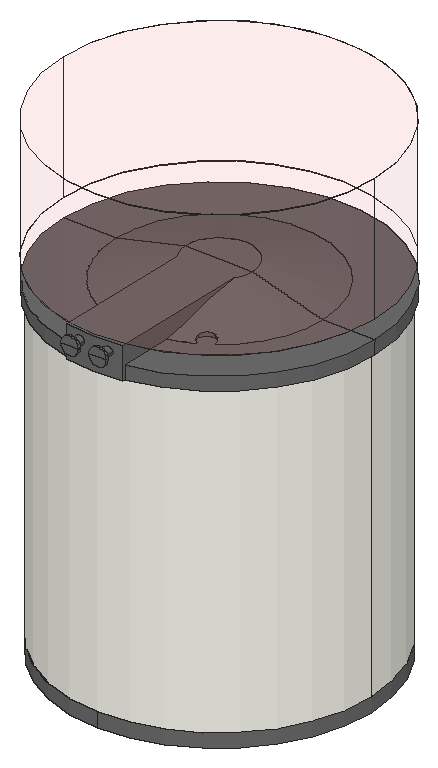
Revit family
Parameters (values of type "1190A")
  Watermarked By = "http://revitwatermark.com"
  Water_Ice Tank Volume = "1655 Gallons"
  Warning = "Ice tanks are a component in an ice storage system including chillers, pumps, and controls. Contact CALMAC for IceBank® selection support to make sure all system components will work together properly."
  URL = "http://www.calmac.com/"
  Total Cooling Capacity [instance] = 0.0 ton
  Tank Net Usable Capacity = "162 Ton-Hrs"
  Surface Finish = Plastic- Calmac- Black
  Supply Coolant Temperature [instance] = -459.67 °F
  Storage Inlet Temperature [instance] = 60 °F
  Shipping Weight = 1950.00 lbf
  Return Coolant Temperature [instance] = -459.67 °F
  Requires Plate Heat Exchanger [instance] = no
  Project/Customer = ""
  Product Page URL = "http://www.calmac.com/products/icebank.asp"
  Product Documentation Link = "http://www.calmac.com/products/documents/IceBankModel1190ACS-5June2009.pdf"
  Pressure Drop [instance] = 0.00 psi
  Precool Hours [instance] = 0
  Pipe Material = Plastic- Calmac- Black
  Operating Weight = 16765.00 lbf
  Occupied Hours [instance] = 0
  Model = "1190A"
  Maximum Operating Temperature = "38°C"
  Maximum Operating Pressure = "620 kPa"
  Manufacturer e-mail = "info@Calmac.com"
  Manufacturer Contact Details = "CALMAC Manufacturing Corporation Headquarters, 3-00 Banta Place, Fair Lawn, NJ  07410, Tel: (201) 797-1511, Fax: (201) 797-1522"
  Manufacturer = "CALMAC Manufacturing Corp."  # constant formula
  Main Use [instance] = ""
  Location [instance] = ""
  Lid Diameter = 7' - 5"  # constant formula
  Leg 4 = 3' - 8 1/2"  # constant formula
  Leg 1 = 3' - 8 1/2"  # constant formula
  Latent Cooling Capacity [instance] = 0.0 ton
  Inlet Outlet Center Height = 8' - 2 1/2"  # constant formula
  Heat Exchanger Volume = "1655 Gallons"
  Has Rigging Bar [instance] = no
  Has Plate and Frame Heat Exchanger [instance] = no
  Has Ice Inventory Meter [instance] = no
  Has Heat Transfer Fluid [instance] = no
  Has Glycol Management System [instance] = no
  Front Connector Offset = 4' - 0 1/2"  # constant formula
  Floor Loading Weight = "388 lb/sq.ft."
  Factory Tested Pressure = "1724 kPa"
  Diversity Factor [instance] = 0
  Discharge Rate [instance] = 0
  Discharge Hours [instance] = 0
  Description = "Off-Peak Cooling System"
  Is Clearance Box Visible [instance] = yes
  Clearance Box Height = 3' - 0"  # constant formula
  City/State [instance] = ""
  CTRL On = yes
  CTRL Off = not(CTRL On)  # no
  CTRL Hydronic Supply Description = "Hydronic Supply"  # constant formula
  CTRL Hydronic Return Description = "Hydronic Return"  # constant formula
  CTRL Base Radius = 3' - 7 31/64"  # constant formula
  Body Material = Plastic- Calmac- Off_White
  Has Solid Base [instance] = yes
  Base Height = Inlet Outlet Center Height - 0' 6 1/4"  # 7' - 8 1/4"
  Base Finish = Plastic- Calmac- Black
  Assembly Code = "D3030300"
  Actual Chilled Water Flow [instance] = 0 GPM
Values of the unnamed type that differ from the named types
  Watermarked By = ""
Reference planes (in)
  plane 1 "Center (Front/Back)": y = 0
  plane 2 "Bottom": z = 0
  plane 3 "Center (Left/Right)": x = 0
  plane 4 "T.O. Base": z = 92
  plane 5 "Inlet/Outlet Center (Elevation)": z = 98.5
  plane 6 "Right": x = 44.5
  plane 7 "Left": x = -44.5
  plane 8 "Connector Front Face": y = -48.5
  plane 9 "T.O. Lid": z = 101
  plane 10 "Top": z = 137.25
  plane 11 "Left Connector Center (L/R)": x = -3.99016
  plane 12 "Right Connector Center (L/R)": x = 3.99933
  plane 13 "Back": y = 44.5
  plane 14 "Lid Front": y = -44.5
Dimensions and locks (in)
  "Leg 1": plane 3 "Center (Left/Right)" to plane 6 "Right"
  "Leg 4": plane 7 "Left" to plane 3 "Center (Left/Right)"
  "Front Connector Offset": plane 8 "Connector Front Face" to plane 1 "Center (Front/Back)"
  locked: plane 5 "Inlet/Outlet Center (Elevation)" to plane 2 "Bottom" at 98.5
  locked: plane 5 "Inlet/Outlet Center (Elevation)" to plane 4 "T.O. Base" at 6.5
  locked: plane 9 "T.O. Lid" to plane 5 "Inlet/Outlet Center (Elevation)" at 2.5
  locked: plane 10 "Top" to plane 5 "Inlet/Outlet Center (Elevation)" at 38.75
  locked: plane 3 "Center (Left/Right)" to plane 11 "Left Connector Center (L/R)" at 3.99016
  locked: plane 12 "Right Connector Center (L/R)" to plane 3 "Center (Left/Right)" at 3.99933
  locked: plane 1 "Center (Front/Back)" to plane 13 "Back" at 44.5
  locked: plane 14 "Lid Front" to plane 1 "Center (Front/Back)" at 44.5
  aligned and locked: plane 1 "Center (Front/Back)" to nested 1
  aligned and locked: plane 3 "Center (Left/Right)" to nested 1
  aligned and locked: plane 1 "Center (Front/Back)" to nested 2
  aligned: plane 4 "T.O. Base" to nested 2  (x2)
  aligned and locked: plane 3 "Center (Left/Right)" to nested 2
  aligned and locked: plane 4 "T.O. Base" to nested 2  (x2)
  aligned and locked: plane 2 "Bottom" to nested 1
Nested families (in)
  nested 1: "Cooling_Plant_Accessories-Calmac-IceBank-Base" at (0, 0, 0), type "Base"
    with Is Symbolic Line Visible no, Has Solid Base yes, CTRL Inner Wall Radius 3' - 6 39/64", CTRL Base Radius 3' - 7 31/64", Base Height 7' - 8 1/4"
  nested 2: "Cooling_Plant_Accessories-Calmac-IceBank-Lid_A" at (0, 0, 92), Diameter <- "Lid Diameter", Clearance Box Height <- "Clearance Box Height", Is Clearance Box Visible <- "Is Clearance Box Visible", type "Lid-A"
    with Is Clearance Box Visible yes, Diameter 7' - 5", Clearance Box Height 3' - 0", CTRL Symbolic Line Offset 0' - 6", CTRL Radius 3' - 8 1/2", CTRL Clearance Box Height 3' - 9"
Connectors (in)
  piping at (-3.99016, -48.5, 98.5), driven by "CTRL Hydronic Supply Description", driven by "Actual Chilled Water Flow"
    settings: on nested 2, index 1, connector radius 1", flow factor 0, pipe flow 0 GPM, pressure drop 0.00 psi, fitting loss kfactor 0, connector angle 0.00°, fixture units 0, flow configuration 0, flow direction 2, fitting loss method 0, system type 7, connector reference index -1, connector utility 0, adjustable connector no, is connector primary yes, fitting loss table "", connector description "Hydronic Supply"
  piping at (3.99933, -48.5, 98.5), driven by "Actual Chilled Water Flow", driven by "CTRL Hydronic Return Description"
    settings: on nested 2, index 2, connector radius 1", flow factor 0, pipe flow 0 GPM, pressure drop 0.00 psi, fitting loss kfactor 0, connector angle 0.00°, fixture units 0, flow configuration 0, flow direction 1, fitting loss method 0, system type 8, connector reference index -1, connector utility 0, adjustable connector no, is connector primary no, fitting loss table "", connector description "Hydronic Return"
Definition of nested family "Cooling_Plant_Accessories-Calmac-IceBank-Base"
  Parameters (values of type "Base")
    Wall Thickness = 0' - 0 7/8"
    URL = "http://www.calmac.com/"
    Type Comments = ""
    Is Symbolic Line Visible = not(Has Solid Base)  # yes
    Has Solid Base = no
    Model = ""
    Manufacturer = "CALMAC Manufacturing Corp."  # constant formula
    CTRL Inner Wall Radius = CTRL Base Radius - Wall Thickness  # 3' - 0"
    CTRL Base Radius = 3' - 0 7/8"
    Body Material = Plastic- Calmac- Off_White
    Base Height = 3' - 7 5/16"
    Base Finish = Plastic- Calmac- Black
    Assembly Code = "D3030"
  Reference planes (in)
    plane 1 "Center (Front/Back)": y = 0
    plane 2 "Bottom": z = 0
    plane 3 "Center (Left/Right)": x = 0
    plane 4 "Back": y = 36.875
    plane 5 "Front": y = -36.875
    plane 6 "Right": x = 36.875
    plane 7 "Left": x = -36.875
    plane 8 "T.O. Base Plate": z = 4
    plane 9 "Right Edge of Right Void": x = 24.125
    plane 10 "Left Edge of Right Void": x = 13.125
    plane 11 "Left Edge of Left Void": x = -24.125
    plane 12 "Right Edge of Left Void": x = -13.125
    plane 13 "T.O. Base Void": z = 2
    plane 14 "T.O. Base": z = 43.3125
  Forms (in)
    Extrusion 1, solid, material "Plastic- Calmac- Black" <- "Base Finish", visible <- "Is Symbolic Line Visible", detail levels fine
      sketch origin (0, 0, 0) x (1, 0, 0) y (0, 1, 0)
        loop
          circle (0, 0) r 36.875
      from 0 to 4
    Extrusion 2, void
      sketch origin (0, 0, 0) x (1, 0, 0) y (0, 1, 0)
        loop
          line (-24.125, 36.875) -> (-24.125, -36.875) -> (-13.125, -36.875) -> (-13.125, 36.875) -> (-24.125, 36.875)
        loop
          line (13.125, 36.875) -> (13.125, -36.875) -> (24.125, -36.875) -> (24.125, 36.875) -> (13.125, 36.875)
      from 0 to 2
    Extrusion 3, solid, material "Plastic- Calmac- Off_White" <- "Body Material", detail levels fine
      sketch origin (0, 0, 0) x (1, 0, 0) y (0, 1, 0)
        loop
          circle (0, 0) r 36.875
        loop
          circle (0, 0) r 36
      from 4 to 43.3125
    Extrusion 4, solid, material "Plastic- Calmac- Black" <- "Base Finish", visible <- "Has Solid Base", detail levels fine
      sketch origin (0, 0, 43.3125) x (0, -1, 0) y (1, 0, 0)
        loop
          circle (0, 0) r 36.875
      from -43.3125 to -39.3125
  Cuts and joins
    Extrusion 2 cuts Extrusion 3
    Extrusion 2 cuts Extrusion 1
  Lines and regions (in)
    Masking region 1
      outline origin (0, 0, 0) x (1, 0, 0) y (0, 1, 0)
        loop
          circle (0, 0) r 36.875
    Masking region 2
      outline origin (0, 0, 0) x (1, 0, 0) y (0, 0, 1)
        loop
          line (-36.875, 0) -> (36.875, 0) -> (36.875, 43.3125) -> (-36.875, 43.3125) -> (-36.875, 0)
    Masking region 3
      outline origin (0, 0, 0) x (0, 1, 0) y (0, 0, 1)
        loop
          line (-36.875, 0) -> (36.875, 0) -> (36.875, 43.3125) -> (-36.875, 43.3125) -> (-36.875, 0)
    symbolic lines, style "Base", detail levels medium+fine
      curve 1: line (-36.875, 0, 4) -> (36.875, 0, 4)
      curve 8: line (0, -36.875, 4) -> (0, 36.875, 4)
    symbolic lines, style "Base", visible <- "Is Symbolic Line Visible", detail levels medium+fine
      curve 2: line (-24.125, 0, 0) -> (-24.125, 0, 2)
      curve 3: line (-24.125, 0, 2) -> (-13.125, 0, 2)
      curve 4: line (13.125, 0, 2) -> (24.125, 0, 2)
      curve 5: line (13.125, 0, 0) -> (13.125, 0, 2)
      curve 6: line (24.125, 0, 0) -> (24.125, 0, 2)
      curve 7: line (-13.125, 0, 0) -> (-13.125, 0, 2)
    model lines, style "Base", detail levels medium
      curve 9: circle (0, 0, 43.3125) r 36.875 normal (0, 0, 1)
      curve 10: circle (0, 0, 4) r 36.875 normal (0, 0, 1)
      curve 11: circle (0, 0, 0) r 36.875 normal (0, 0, 1)
      curve 12: line (36.875, 0, 0) -> (36.875, 0, 43.3125)
      curve 13: line (-36.875, 0, 0) -> (-36.875, 0, 43.3125)
      curve 14: line (0, -36.875, 0) -> (0, -36.875, 43.3125)
      curve 15: line (0, 36.875, 0) -> (0, 36.875, 43.3125)
    model lines, style "Base", detail levels coarse
      curve 16: line (0, 0, 0) -> (0, 0, 43.3125)
  Dimensions and locks (in)
    locked: plane 7 "Left" to plane 11 "Left Edge of Left Void" at 12.75
    locked: plane 7 "Left" to plane 12 "Right Edge of Left Void" at 23.75
    locked: plane 9 "Right Edge of Right Void" to plane 6 "Right" at 12.75
    locked: plane 10 "Left Edge of Right Void" to plane 6 "Right" at 23.75
    "CTRL Base Radius": plane 7 "Left" to plane 3 "Center (Left/Right)"
    "CTRL Base Radius": plane 3 "Center (Left/Right)" to plane 6 "Right"
    "CTRL Base Radius": plane 1 "Center (Front/Back)" to plane 4 "Back"
    "CTRL Base Radius": plane 5 "Front" to plane 1 "Center (Front/Back)"
    locked: plane 8 "T.O. Base Plate" to plane 2 "Bottom" at 4
    "Base Height": plane 14 "T.O. Base" to plane 2 "Bottom"
    locked: plane 13 "T.O. Base Void" to plane 2 "Bottom" at 2
    "CTRL Base Radius": radius of Extrusion 1 sketch curve
    "CTRL Base Radius": radius of Extrusion 3 sketch curve
    "CTRL Inner Wall Radius": radius of Extrusion 3 sketch curve
    "CTRL Base Radius": radius of Masking region 1 sketch curve
    "CTRL Base Radius": radius of curve 9
    "CTRL Base Radius": radius of curve 10
    "CTRL Base Radius": radius of curve 11
    "CTRL Base Radius": radius of Extrusion 4 sketch curve
    aligned and locked: plane 3 "Center (Left/Right)" to Extrusion 1 sketch curve
    aligned and locked: plane 1 "Center (Front/Back)" to Extrusion 1 sketch curve
    aligned and locked: Extrusion 1 to plane 2 "Bottom"
    aligned and locked: plane 8 "T.O. Base Plate" to Extrusion 1
    aligned and locked: plane 2 "Bottom" to Extrusion 1
    aligned and locked: Extrusion 2 sketch curve to plane 4 "Back"  (x2)
    aligned and locked: Extrusion 2 sketch curve to plane 12 "Right Edge of Left Void"
    aligned and locked: plane 11 "Left Edge of Left Void" to Extrusion 2 sketch curve
    aligned and locked: Extrusion 2 sketch curve to plane 5 "Front"  (x2)
    aligned and locked: Extrusion 2 sketch curve to plane 10 "Left Edge of Right Void"
    aligned and locked: Extrusion 2 sketch curve to plane 9 "Right Edge of Right Void"
    aligned and locked: plane 13 "T.O. Base Void" to Extrusion 2
    aligned and locked: Extrusion 2 to plane 2 "Bottom"
    aligned and locked: Extrusion 2 to plane 5 "Front"
    aligned and locked: plane 4 "Back" to Extrusion 2
    aligned and locked: Extrusion 2 to plane 13 "T.O. Base Void"  (x2)
    aligned and locked: plane 11 "Left Edge of Left Void" to Extrusion 2
    aligned and locked: plane 2 "Bottom" to Extrusion 2  (x2)
    aligned and locked: Extrusion 2 to plane 12 "Right Edge of Left Void"
    aligned and locked: plane 10 "Left Edge of Right Void" to Extrusion 2
    aligned and locked: Extrusion 2 to plane 9 "Right Edge of Right Void"
    aligned and locked: plane 3 "Center (Left/Right)" to Extrusion 3 sketch curve  (x2)
    aligned and locked: plane 1 "Center (Front/Back)" to Extrusion 3 sketch curve  (x2)
    aligned and locked: Extrusion 3 to plane 8 "T.O. Base Plate"
    aligned and locked: plane 14 "T.O. Base" to Extrusion 3
    aligned and locked: plane 3 "Center (Left/Right)" to Masking region 1 sketch curve
    aligned and locked: plane 1 "Center (Front/Back)" to Masking region 1 sketch curve
    aligned and locked: Masking region 2 sketch curve to plane 14 "T.O. Base"
    aligned and locked: plane 6 "Right" to Masking region 2 sketch curve
    aligned and locked: plane 2 "Bottom" to Masking region 2 sketch curve
    aligned and locked: Masking region 2 sketch curve to plane 7 "Left"
    aligned and locked: plane 7 "Left" to curve 1
    aligned and locked: plane 6 "Right" to curve 1
    aligned and locked: curve 1 to plane 8 "T.O. Base Plate"
    aligned and locked: plane 11 "Left Edge of Left Void" to curve 3
    aligned and locked: plane 12 "Right Edge of Left Void" to curve 3
    aligned and locked: curve 3 to plane 13 "T.O. Base Void"
    aligned and locked: plane 2 "Bottom" to curve 2
    aligned and locked: curve 2 to plane 11 "Left Edge of Left Void"
    aligned and locked: plane 10 "Left Edge of Right Void" to curve 4
    aligned and locked: plane 9 "Right Edge of Right Void" to curve 4
    aligned and locked: plane 13 "T.O. Base Void" to curve 5
    aligned and locked: plane 13 "T.O. Base Void" to curve 6
    aligned and locked: plane 2 "Bottom" to curve 5
    aligned and locked: curve 5 to plane 10 "Left Edge of Right Void"
    aligned and locked: curve 6 to plane 9 "Right Edge of Right Void"
    aligned and locked: plane 13 "T.O. Base Void" to curve 7
    aligned and locked: plane 2 "Bottom" to curve 7
    aligned and locked: curve 7 to plane 12 "Right Edge of Left Void"
    aligned and locked: plane 5 "Front" to Masking region 3 sketch curve
    aligned and locked: plane 14 "T.O. Base" to Masking region 3 sketch curve
    aligned and locked: Masking region 3 sketch curve to plane 4 "Back"
    aligned and locked: plane 2 "Bottom" to Masking region 3 sketch curve
    aligned and locked: plane 4 "Back" to curve 8
    aligned and locked: plane 5 "Front" to curve 8
    aligned and locked: curve 8 to plane 8 "T.O. Base Plate"
    aligned and locked: plane 3 "Center (Left/Right)" to curve 9
    aligned and locked: plane 1 "Center (Front/Back)" to curve 9
    aligned and locked: curve 9 to plane 14 "T.O. Base"
    aligned and locked: curve 10 to plane 8 "T.O. Base Plate"
    aligned and locked: plane 3 "Center (Left/Right)" to curve 10
    aligned and locked: plane 1 "Center (Front/Back)" to curve 10
    aligned: curve 11 to plane 2 "Bottom"
    aligned and locked: plane 3 "Center (Left/Right)" to curve 11
    aligned and locked: plane 1 "Center (Front/Back)" to curve 11
    aligned and locked: plane 14 "T.O. Base" to curve 12
    aligned and locked: plane 14 "T.O. Base" to curve 13
    aligned and locked: plane 2 "Bottom" to curve 12
    aligned and locked: plane 2 "Bottom" to curve 13
    aligned and locked: curve 12 to plane 6 "Right"
    aligned and locked: curve 13 to plane 7 "Left"
    aligned and locked: curve 12 to plane 1 "Center (Front/Back)"
    aligned and locked: curve 13 to plane 1 "Center (Front/Back)"
    aligned and locked: plane 14 "T.O. Base" to curve 14
    aligned and locked: plane 14 "T.O. Base" to curve 15
    aligned and locked: plane 2 "Bottom" to curve 14
    aligned and locked: plane 2 "Bottom" to curve 15
    aligned and locked: plane 4 "Back" to curve 15
    aligned and locked: plane 5 "Front" to curve 14
    aligned and locked: plane 3 "Center (Left/Right)" to curve 14
    aligned and locked: plane 3 "Center (Left/Right)" to curve 15
    aligned and locked: plane 14 "T.O. Base" to curve 16
    aligned and locked: plane 2 "Bottom" to curve 16
    aligned and locked: plane 3 "Center (Left/Right)" to curve 16
    aligned and locked: curve 16 to plane 1 "Center (Front/Back)"
    aligned and locked: plane 1 "Center (Front/Back)" to Extrusion 4 sketch curve
    aligned and locked: plane 3 "Center (Left/Right)" to Extrusion 4 sketch curve
    aligned and locked: plane 8 "T.O. Base Plate" to Extrusion 4
    aligned and locked: Extrusion 4 to plane 2 "Bottom"
  Automatic sketch dimensions
    curve 6 to level = 0' - 0"
Definition of nested family "Cooling_Plant_Accessories-Calmac-IceBank-Lid_A"
  Parameters (values of type "Lid_A")
    Surface Finish = Default
    Pipe Material = none
    Diameter [instance] = 6' - 1 3/4"
    Is Clearance Box Visible [instance] = yes
    Clearance Box Height [instance] = 2' - 0"
    CTRL Symbolic Line Offset [instance] = 0' - 6"
    CTRL Radius [instance] = Diameter / 2  # 3' - 0 7/8"
    CTRL Clearance Box Height [instance] = Clearance Box Height + 0' 9"  # 2' - 9"
  Reference planes (in)
    plane 1 "Center (Front/Back)": y = 0
    plane 2 "Bottom": z = 0
    plane 3 "Center (Left/Right)": x = 0
    plane 4 "Back": y = 36.875
    plane 5 "Back Inset": y = 33.06
    plane 6 "Back Bolt Front": y = 33.873
    plane 7 "Front": y = -36.875
    plane 8 "Front Inset": y = -33.06
    plane 9 "Left": x = -36.875
    plane 10 "Left Lip Inset": x = -33.06
    plane 11 "Top Left": x = -9.54335
    plane 12 "Right": x = 36.875
    plane 13 "Top Right": x = 9.54335
    plane 14 "Top": z = 9
    plane 15 "Connector Center(Elevation)": z = 3.75
    plane 16 "Connector Channel Top": z = 8
    plane 17 "Bolt Inset Center": y = 34.87422
    plane 18 "Right Lip Inset": x = 33.06
    plane 19 "Center Offset Right 6": x = 7.19935
    plane 20 "Center OffSet Right 5": x = 6.29557
    plane 21 "Center Offset Right 4": x = 4.96584
    plane 22 "Center Offset Right 2": x = 3.03282
    plane 23 "Center Offset Right 1": x = 1.70309
    plane 24 "Center Offset Right 3": x = 3.99933
    plane 25 "Center Offset Left 6": x = -7.19935
    plane 26 "Center Offset Left 5": x = -6.2864
    plane 27 "Center Offset Left 4": x = -4.95667
    plane 28 "Center Offset Left 2": x = -3.02365
    plane 29 "Center Offset Left 1": x = -1.69392
    plane 30 "Center Offset Left 3": x = -3.99016
    plane 31 "Front Offset 1": y = -37.46731
    plane 32 "Center Offset 2": y = -9.54335
    plane 33 "Center Offset 1": y = -5.20418
    plane 34 "Front Offset 3": y = -40.875
    plane 35 "Front Offset 2": y = -40.25145
    plane 36 "Raised Geometry Right": x = 7.9995
    plane 37 "Raised Geometry Left": x = -7.9995
    plane 38 "Bolt Inset Right": x = 1
    plane 39 "Bolt Inset Left": x = -1
    plane 40: x = 15.52399
    plane 41 "Inspection Port Center (Front/ Back)": y = -23.90104
    plane 42 "T.O. Cllearance Box": z = 33
    plane 43: z = 8.75
    plane 44 "Connectors": z = 6.5
  Forms (in)
    Revolve 1, solid, material "Default" <- "Surface Finish", detail levels fine
      sketch origin (0, 0, 0) x (1, 0, 0) y (0, 0, 1)
        loop
          line (0, 9) -> (0, 0) -> (36.875, 0) -> (36.875, 3.75) -> (22.05979, 3.75) -> (9.54335, 9) -> (0, 9)
        axis (0, 9) -> (0, 0)
      angle from 0 to 360
    Extrusion 2, solid, material "Default" <- "Surface Finish", detail levels fine
      sketch origin (0, 0, 9) x (-1, 0, 0) y (0, -1, 0)
        loop
          arc (7.9995, 36.87418) -> (0.00004, 37.5924) -> (-7.9995, 36.875) r 44.93344
          line (-7.9995, 36.875) -> (-7.9995, 5.20418) -> (7.9995, 5.20418) -> (7.9995, 36.87418)
      from -9 to 0
    Extrusion 3, void
      sketch origin (0, 0, 9) x (-1, 0, 0) y (0, -1, 0)
        loop
          circle (-15.52399, 23.90104) r 2.46875
      from -5.25 to -1
  Cuts and joins
    Extrusion 3 cuts Revolve 1
    Extrusion 3 cuts Extrusion 2
    joined: Revolve 1, Extrusion 2
  Lines and regions (in)
    Masking region 1
      outline origin (0, 0, 3.75) x (-1, 0, 0) y (0, -1, 0)
        loop
          arc (36.83195, -1.78166) -> (29.31329, 22.3718) -> (7.9995, 35.99687) r 36.87501
          line (7.9995, 35.99687) -> (7.9995, 36.875) -> (-7.9995, 36.875) -> (-7.9995, 35.99687)
          arc (-7.9995, 35.99687) -> (-28.78844, 23.04328) -> (-36.87493, -0.0778) r 36.87501
          arc (-36.87493, -0.0778) -> (-0.8522, -36.86517) -> (36.83195, -1.78166) r 36.87501
    Masking region 2
      outline origin (0, -36.875, 0) x (1, 0, 0) y (0, 0, 1)
        loop
          line (-36.875, 0) -> (36.875, 0) -> (36.875, 3.75) -> (22.05979, 3.75) -> (9.54335, 9) -> (-9.54335, 9) -> (-22.05979, 3.75) -> (-36.875, 3.75) -> (-36.875, 0)
    Masking region 3
      outline origin (0, 0, 0) x (0, 1, 0) y (0, 0, 1)
        loop
          line (-37.46731, 0) -> (36.875, 0) -> (36.875, 3.75) -> (22.05979, 3.75) -> (9.54335, 9) -> (-37.46731, 9) -> (-37.46731, 0)
    model lines, style "Thermal Energy Storage", detail levels medium
      curve 1: arc (36.875, 0, 0) -> (36.7349, 3.21136, 0) -> (36.31566, 6.39832, 0) r 36.875
      curve 2: arc (36.31566, 6.39832, 0) -> (-36.7349, -3.21136, 0) -> (36.875, 0, 0) r 36.875
      curve 3: arc (-33.03411, -2.90444, 3.75) -> (-0.77581, 31.45886, 3.75) -> (33.0593, -1.35303, 3.75) r 33.06016
      curve 4: arc (33.0593, -1.35303, 3.75) -> (0.77581, -34.64326, 3.75) -> (-33.03411, -2.90444, 3.75) r 33.06016
      curve 5: line (-7.9995, -5.20418, 9) -> (-7.9995, -36.875, 9)
      curve 6: line (7.9995, -5.20418, 9) -> (7.9995, -36.875, 9)
      curve 7: line (-7.9995, -36.875, 9) -> (7.9995, -36.875, 9)
      curve 8: line (-7.9995, -36.875, 9) -> (-7.9995, -36.875, 0)
      curve 9: line (7.9995, -36.875, 9) -> (7.9995, -36.875, 0)
    model lines, style "Thermal Energy Storage", detail levels coarse
      curve 10: line (0, 0, 9) -> (0, 0, 0)
      curve 11: line (-36.875, 0, 9) -> (36.875, 0, 9)
      curve 12: line (0, 36.875, 9) -> (0, -37.46731, 9)
    symbolic lines, style "Thermal Energy Storage", detail levels medium+fine
      curve 13: line (-7.9995, -5.20418, 9) -> (-7.9995, -36.875, 9)
      curve 14: line (7.9995, -5.20418, 9) -> (7.9995, -36.875, 9)
      curve 15: arc (7.9995, -5.20418, 9) -> (0, 9.54335, 9) -> (-7.9995, -5.20418, 9) r 9.54335
      curve 16: arc (-33.06, 0, 9) -> (20.35314, 26.05213, 9) -> (7.9995, -32.07759, 9) r 33.06
      curve 17: arc (-33.06, 0, 9) -> (-26.05213, -20.35313, 9) -> (-7.9995, -32.07759, 9) r 33.06
      curve 21: circle (15.52399, -23.90104, 9) r 2.46875 normal (0, 0, 1)
      curve 22: line (-33.06, -36.875, 3.75) -> (33.06, -36.875, 3.75)
      curve 23: line (0, -37.46731, 3.75) -> (0, 33.06, 3.75)
      curve 24: line (0, -33.06, 3.75) -> (0, -5.20418, 9)
    symbolic lines, style "Thermal Energy Storage", not visible, detail levels medium+fine
      curve 18: arc (17.90724, 30.02329, 9) -> (18.26558, 28.67854, 9) -> (19.62099, 28.99417, 9) r 1
      curve 19: line (17.90724, 30.02329, 9) -> (18.91964, 31.59438, 9)
      curve 20: line (20.59914, 30.51212, 9) -> (19.62099, 28.99417, 9)
  Dimensions and locks (in)
    locked: plane 14 "Top" to plane 2 "Bottom" at 9
    locked: plane 16 "Connector Channel Top" to plane 2 "Bottom" at 8
    locked: plane 15 "Connector Center(Elevation)" to plane 2 "Bottom" at 3.75
    locked: plane 9 "Left" to plane 10 "Left Lip Inset" at 3.815
    "Diameter": plane 9 "Left" to plane 12 "Right"
    "Diameter": plane 7 "Front" to plane 4 "Back"
    locked: plane 3 "Center (Left/Right)" to plane 13 "Top Right" at 9.54335
    locked: plane 11 "Top Left" to plane 3 "Center (Left/Right)" at 9.54335
    locked: plane 17 "Bolt Inset Center" to plane 4 "Back" at 2.00078
    locked: plane 6 "Back Bolt Front" to plane 4 "Back" at 3.002
    locked: plane 5 "Back Inset" to plane 4 "Back" at 3.815
    locked: plane 8 "Front Inset" to plane 7 "Front" at 3.815
    equal spacing: plane 22 "Center Offset Right 2", plane 24 "Center Offset Right 3", plane 21 "Center Offset Right 4"
    equal spacing: plane 23 "Center Offset Right 1", plane 24 "Center Offset Right 3", plane 20 "Center OffSet Right 5"
    equal spacing: plane 28 "Center Offset Left 2", plane 30 "Center Offset Left 3", plane 27 "Center Offset Left 4"
    equal spacing: plane 29 "Center Offset Left 1", plane 30 "Center Offset Left 3", plane 26 "Center Offset Left 5"
    locked: plane 30 "Center Offset Left 3" to plane 3 "Center (Left/Right)" at 3.99016
    locked: plane 3 "Center (Left/Right)" to plane 24 "Center Offset Right 3" at 3.99933
    locked: plane 22 "Center Offset Right 2" to plane 21 "Center Offset Right 4" at 1.93302
    locked: plane 27 "Center Offset Left 4" to plane 28 "Center Offset Left 2" at 1.93302
    locked: plane 23 "Center Offset Right 1" to plane 20 "Center OffSet Right 5" at 4.59248
    locked: plane 26 "Center Offset Left 5" to plane 29 "Center Offset Left 1" at 4.59248
    equal spacing: plane 25 "Center Offset Left 6", plane 3 "Center (Left/Right)", plane 19 "Center Offset Right 6"
    locked: plane 25 "Center Offset Left 6" to plane 19 "Center Offset Right 6" at 14.39869
    equal spacing: plane 4 "Back", plane 1 "Center (Front/Back)", plane 7 "Front"
    locked: plane 18 "Right Lip Inset" to plane 12 "Right" at 3.815
    equal spacing: plane 9 "Left", plane 3 "Center (Left/Right)", plane 12 "Right"
    locked: plane 7 "Front" to plane 31 "Front Offset 1" at 0.59231
    locked: plane 7 "Front" to plane 34 "Front Offset 3" at 4
    locked: plane 33 "Center Offset 1" to plane 1 "Center (Front/Back)" at 5.20418
    locked: plane 32 "Center Offset 2" to plane 1 "Center (Front/Back)" at 9.54335
    locked: plane 37 "Raised Geometry Left" to plane 3 "Center (Left/Right)" at 7.9995
    locked: plane 3 "Center (Left/Right)" to plane 36 "Raised Geometry Right" at 7.9995
    locked: plane 39 "Bolt Inset Left" to plane 3 "Center (Left/Right)" at 1
    locked: plane 3 "Center (Left/Right)" to plane 38 "Bolt Inset Right" at 1
    locked: plane 3 "Center (Left/Right)" to plane 40 at 15.52399
    locked: plane 41 "Inspection Port Center (Front/ Back)" to plane 1 "Center (Front/Back)" at 23.90104
    "CTRL Clearance Box Height": plane 42 "T.O. Cllearance Box" to plane 2 "Bottom"
    locked: plane 35 "Front Offset 2" to plane 34 "Front Offset 3" at 0.62355
    plane 14 "Top" to plane 2 "Bottom" = 0' - 9"
    locked: plane 14 "Top" to plane 44 "Connectors" at 2.5
    radius of Extrusion 2 sketch curve = 3' - 8.93344"
    aligned and locked: Extrusion 2 to plane 2 "Bottom"
    aligned: plane 16 "Connector Channel Top" to Extrusion 2
    aligned and locked: plane 14 "Top" to Extrusion 2
    aligned and locked: plane 36 "Raised Geometry Right" to Extrusion 2 sketch curve
    aligned and locked: plane 33 "Center Offset 1" to Extrusion 2 sketch curve
    aligned and locked: Extrusion 2 sketch curve to plane 37 "Raised Geometry Left"
    aligned and locked: plane 7 "Front" to Extrusion 2 sketch curve
    aligned and locked: nested 1 to plane 30 "Center Offset Left 3"
    aligned and locked: nested 2 to plane 34 "Front Offset 3"
    aligned and locked: plane 24 "Center Offset Right 3" to nested 2
    aligned: plane 15 "Connector Center(Elevation)" to nested 2
    aligned and locked: plane 3 "Center (Left/Right)" to curve 4
    aligned and locked: plane 3 "Center (Left/Right)" to curve 3
    aligned and locked: plane 33 "Center Offset 1" to curve 5
    aligned and locked: plane 7 "Front" to curve 6
    aligned and locked: plane 7 "Front" to curve 5
    aligned and locked: plane 36 "Raised Geometry Right" to curve 6
    aligned and locked: plane 37 "Raised Geometry Left" to curve 5
    aligned and locked: plane 14 "Top" to curve 6
    aligned and locked: plane 14 "Top" to curve 5
    aligned and locked: curve 7 to plane 7 "Front"
    aligned and locked: plane 14 "Top" to curve 9
    aligned and locked: plane 2 "Bottom" to curve 9
    aligned and locked: plane 14 "Top" to curve 8
    aligned and locked: plane 2 "Bottom" to curve 8
    aligned and locked: plane 36 "Raised Geometry Right" to curve 9
    aligned and locked: plane 37 "Raised Geometry Left" to curve 8
    aligned and locked: curve 9 to plane 7 "Front"
    aligned and locked: curve 8 to plane 7 "Front"
    aligned and locked: plane 14 "Top" to curve 10
    aligned and locked: plane 2 "Bottom" to curve 10
    aligned and locked: curve 10 to plane 3 "Center (Left/Right)"
    aligned and locked: plane 1 "Center (Front/Back)" to curve 10
    aligned and locked: plane 12 "Right" to curve 11
    aligned and locked: plane 9 "Left" to curve 11
    aligned and locked: plane 1 "Center (Front/Back)" to curve 11
    aligned and locked: curve 11 to plane 14 "Top"
    aligned and locked: plane 4 "Back" to curve 12
    aligned and locked: curve 12 to plane 3 "Center (Left/Right)"
    aligned and locked: plane 31 "Front Offset 1" to curve 12
    aligned and locked: plane 14 "Top" to cut or joined group of Revolve 1, Extrusion 2, Extrusion 3
    aligned and locked: plane 7 "Front" to curve 14
    aligned and locked: plane 7 "Front" to curve 13
    aligned and locked: plane 1 "Center (Front/Back)" to curve 15
    aligned and locked: plane 3 "Center (Left/Right)" to curve 15
    aligned and locked: plane 1 "Center (Front/Back)" to cut or joined group of Revolve 1, Extrusion 2, Extrusion 3
    aligned and locked: plane 1 "Center (Front/Back)" to curve 17
    aligned and locked: cut or joined group of Revolve 1, Extrusion 2, Extrusion 3 to Masking region 1 sketch curve  (x2)
    aligned and locked: plane 36 "Raised Geometry Right" to Masking region 1 sketch curve
    aligned and locked: plane 40 to Extrusion 3 sketch curve
    aligned and locked: plane 41 "Inspection Port Center (Front/ Back)" to Extrusion 3 sketch curve
    aligned and locked: Extrusion 3 to plane 15 "Connector Center(Elevation)"
    aligned and locked: plane 16 "Connector Channel Top" to Extrusion 3
    aligned and locked: plane 1 "Center (Front/Back)" to nested 3
    aligned and locked: plane 3 "Center (Left/Right)" to nested 3
    aligned and locked: plane 40 to curve 21
    aligned and locked: plane 41 "Inspection Port Center (Front/ Back)" to curve 21
    aligned and locked: plane 3 "Center (Left/Right)" to nested 24
    aligned and locked: plane 1 "Center (Front/Back)" to nested 24
    aligned: plane 2 "Bottom" to nested 24
    aligned: plane 14 "Top" to nested 24  (x2)
    aligned: plane 42 "T.O. Cllearance Box" to nested 24
    aligned: nested 24 to plane 42 "T.O. Cllearance Box"
    aligned and locked: nested 24 to plane 12 "Right"
    aligned and locked: nested 24 to plane 9 "Left"
    aligned and locked: plane 15 "Connector Center(Elevation)" to Masking region 2 sketch curve
    aligned and locked: Masking region 2 sketch curve to plane 9 "Left"
    aligned and locked: plane 2 "Bottom" to Masking region 2 sketch curve
    aligned and locked: Masking region 2 sketch curve to plane 11 "Top Left"
    aligned and locked: plane 14 "Top" to Masking region 2 sketch curve
    aligned and locked: Masking region 2 sketch curve to plane 13 "Top Right"
    aligned and locked: Masking region 2 sketch curve to plane 15 "Connector Center(Elevation)"
    aligned and locked: plane 12 "Right" to Masking region 2 sketch curve
    aligned and locked: curve 22 to plane 15 "Connector Center(Elevation)"
    aligned and locked: plane 10 "Left Lip Inset" to curve 22
    aligned and locked: plane 18 "Right Lip Inset" to curve 22
    aligned and locked: Masking region 3 sketch curve to plane 14 "Top"
    aligned and locked: plane 31 "Front Offset 1" to Masking region 3 sketch curve
    aligned and locked: plane 2 "Bottom" to Masking region 3 sketch curve
    aligned and locked: plane 4 "Back" to Masking region 3 sketch curve
    aligned and locked: Masking region 3 sketch curve to plane 15 "Connector Center(Elevation)"
    aligned and locked: plane 15 "Connector Center(Elevation)" to cut or joined group of Revolve 1, Extrusion 2, Extrusion 3
    aligned and locked: plane 31 "Front Offset 1" to curve 23
    aligned and locked: plane 5 "Back Inset" to curve 23
    aligned and locked: plane 8 "Front Inset" to curve 24
    aligned and locked: plane 33 "Center Offset 1" to curve 24
    aligned and locked: plane 2 "Bottom" to cut or joined group of Revolve 1, Extrusion 2, Extrusion 3
    aligned and locked: plane 42 "T.O. Cllearance Box" to nested 24
    aligned and locked: nested 24 to plane 14 "Top"
    aligned and locked: plane 44 "Connectors" to nested 1
    aligned and locked: plane 44 "Connectors" to nested 2
    aligned and locked: nested 1 to plane 34 "Front Offset 3"
  Automatic sketch dimensions
    plane 3 "Center (Left/Right)" to Extrusion 2 sketch curve = 0' - 0.00227"
    Revolve 1 sketch curve to plane 3 "Center (Left/Right)" = 0' - 0"  (x2)
    plane 13 "Top Right" to Revolve 1 sketch curve = 0' - 0"
    plane 15 "Connector Center(Elevation)" to Revolve 1 sketch curve = 0' - 0"
    plane 18 "Right Lip Inset" to Revolve 1 sketch curve = 0' - 11.00021"
    Revolve 1 sketch curve to level = 0' - 0"  (x2)
    plane 12 "Right" to Revolve 1 sketch curve = 0' - 0"
    Revolve 1 sketch curve to plane 14 "Top" = 0' - 0"  (x2)
    Masking region 1 sketch curve to Masking region 1 sketch curve = 0' - 0"  (x4)
    plane 1 "Center (Front/Back)" to Masking region 1 sketch curve = 0' - 0"
    Masking region 1 sketch curve to plane 3 "Center (Left/Right)" = 0' - 0"
    plane 12 "Right" to Masking region 1 sketch curve = 0' - 0.00007"
    plane 9 "Left" to Masking region 1 sketch curve = 0' - 0.04305"
    Masking region 1 sketch curve to plane 1 "Center (Front/Back)" = 0' - 0.0778"
    curve 24 to plane 14 "Top" = 0' - 0"
    curve 23 to plane 15 "Connector Center(Elevation)" = 0' - 0"
    Masking region 1 sketch curve to plane 7 "Front" = 0' - 0"
    plane 10 "Left Lip Inset" to Masking region 2 sketch curve = 0' - 11.00021"
    Masking region 2 sketch curve to plane 40 = 0' - 6.5358"
    Masking region 3 sketch curve to plane 1 "Center (Front/Back)" = 0' - 9.54335"
    plane 5 "Back Inset" to Masking region 3 sketch curve = 0' - 11.00021"
    curve 16 to curve 17 = 0' - 0"
    curve 17 to plane 10 "Left Lip Inset" = 0' - 0"
    curve 16 to plane 10 "Left Lip Inset" = 0' - 0"
    plane 3 "Center (Left/Right)" to curve 16 = 0' - 0"
    curve 1 to curve 2 = 0' - 0"  (x2)
    plane 1 "Center (Front/Back)" to curve 2 = 0' - 0"
    curve 2 to plane 3 "Center (Left/Right)" = 0' - 0"
    curve 2 to plane 12 "Right" = 0' - 0"
    plane 12 "Right" to curve 1 = 0' - 0.55934"
    curve 3 to curve 4 = 0' - 0"
    plane 18 "Right Lip Inset" to curve 3 = 0' - 0.0007"
    plane 10 "Left Lip Inset" to curve 4 = 0' - 0.02589"
    plane 1 "Center (Front/Back)" to curve 4 = 0' - 1.35303"
    plane 1 "Center (Front/Back)" to curve 4 = 0' - 1.5922"
    radius of Extrusion 3 sketch curve = 0' - 2 15/32"
    radius of curve 21 = 0' - 2 15/32"
  Nested families (in)
    nested 1: "Cooling_Plant_Accessories-Calmac-IceBank-2-Inch Flanged Connection" at (-3.99016, -36.875, 6.5) x (0, -1, 0) z (0, 0, 1), Pipe Material <- "Pipe Material", type "2-Inch Flanged Connection"
      with Pipe Material none
    nested 2: "Cooling_Plant_Accessories-Calmac-IceBank-2-Inch Flanged Connection" at (3.99933, -36.875, 6.5) x (0, -1, 0) z (0, 0, 1), Pipe Material <- "Pipe Material", type "2-Inch Flanged Connection"
      with Pipe Material none
    nested 3: "Cooling_Plant_Accessories-Calmac-Icebank-Inset Symbolic Lines-2D" at (0, 0, 6), Diameter <- "Diameter", built-in parameter 1001364 <- "CTRL Symbolic Line Offset", type "Inset Symbolic Lines", detail levels fine
      with Diameter 6' - 1 3/4", CTRL Radius 3' - 0 7/8"
    nested 4: "Cooling_Plant_Accessories-Calmac-Icebank-Inset Symbolic Lines-2D" at (0, 0, 6) x (0.9595, -0.2817, 0) z (0, 0, 1), Diameter <- "Diameter", built-in parameter 1001364 <- "CTRL Symbolic Line Offset", type "Inset Symbolic Lines", detail levels fine
      with Diameter 6' - 1 3/4", CTRL Radius 3' - 0 7/8"
    nested 5: "Cooling_Plant_Accessories-Calmac-Icebank-Inset Symbolic Lines-2D" at (0, 0, 6) x (0.8413, -0.5405, 0) z (0, 0, 1), Diameter <- "Diameter", built-in parameter 1001364 <- "CTRL Symbolic Line Offset", type "Inset Symbolic Lines", detail levels fine
      with Diameter 6' - 1 3/4", CTRL Radius 3' - 0 7/8"
    nested 6: "Cooling_Plant_Accessories-Calmac-Icebank-Inset Symbolic Lines-2D" at (0, 0, 6) x (0.655, -0.7556, 0) z (0, 0, 1), Diameter <- "Diameter", built-in parameter 1001364 <- "CTRL Symbolic Line Offset", type "Inset Symbolic Lines", detail levels fine
      with Diameter 6' - 1 3/4", CTRL Radius 3' - 0 7/8"
    nested 7: "Cooling_Plant_Accessories-Calmac-Icebank-Inset Symbolic Lines-2D" at (0, 0, 6) x (0.4156, -0.9095, 0) z (0, 0, 1), Diameter <- "Diameter", built-in parameter 1001364 <- "CTRL Symbolic Line Offset", type "Inset Symbolic Lines", detail levels fine
      with Diameter 6' - 1 3/4", CTRL Radius 3' - 0 7/8"
    nested 8: "Cooling_Plant_Accessories-Calmac-Icebank-Inset Symbolic Lines-2D" at (0, 0, 6) x (0.1426, -0.9898, 0) z (0, 0, 1), Diameter <- "Diameter", built-in parameter 1001364 <- "CTRL Symbolic Line Offset", type "Inset Symbolic Lines", detail levels fine
      with Diameter 6' - 1 3/4", CTRL Radius 3' - 0 7/8"
    nested 9: "Cooling_Plant_Accessories-Calmac-Icebank-Inset Symbolic Lines-2D" at (0, 0, 6) x (-0.1419, -0.9899, 0) z (0, 0, 1), Diameter <- "Diameter", built-in parameter 1001364 <- "CTRL Symbolic Line Offset", type "Inset Symbolic Lines", detail levels fine
      with Diameter 6' - 1 3/4", CTRL Radius 3' - 0 7/8"
    nested 10: "Cooling_Plant_Accessories-Calmac-Icebank-Inset Symbolic Lines-2D" at (0, 0, 6) x (-0.415, -0.9098, 0) z (0, 0, 1), Diameter <- "Diameter", built-in parameter 1001364 <- "CTRL Symbolic Line Offset", type "Inset Symbolic Lines", detail levels fine
      with Diameter 6' - 1 3/4", CTRL Radius 3' - 0 7/8"
    nested 11: "Cooling_Plant_Accessories-Calmac-Icebank-Inset Symbolic Lines-2D" at (0, 0, 6) x (-0.6545, -0.7561, 0) z (0, 0, 1), Diameter <- "Diameter", built-in parameter 1001364 <- "CTRL Symbolic Line Offset", type "Inset Symbolic Lines", detail levels fine
      with Diameter 6' - 1 3/4", CTRL Radius 3' - 0 7/8"
    nested 12: "Cooling_Plant_Accessories-Calmac-Icebank-Inset Symbolic Lines-2D" at (0, 0, 6) x (-0.8409, -0.5411, 0) z (0, 0, 1), Diameter <- "Diameter", built-in parameter 1001364 <- "CTRL Symbolic Line Offset", type "Inset Symbolic Lines", detail levels fine
      with Diameter 6' - 1 3/4", CTRL Radius 3' - 0 7/8"
    nested 13: "Cooling_Plant_Accessories-Calmac-Icebank-Inset Symbolic Lines-2D" at (0, 0, 6) x (-0.9593, -0.2823, 0) z (0, 0, 1), Diameter <- "Diameter", built-in parameter 1001364 <- "CTRL Symbolic Line Offset", type "Inset Symbolic Lines", detail levels fine
      with Diameter 6' - 1 3/4", CTRL Radius 3' - 0 7/8"
    nested 14: "Cooling_Plant_Accessories-Calmac-Icebank-Inset Symbolic Lines-2D" at (0, 0, 6) x (-0.9597, 0.281, 0) z (0, 0, 1), Diameter <- "Diameter", built-in parameter 1001364 <- "CTRL Symbolic Line Offset", type "Inset Symbolic Lines", detail levels fine
      with Diameter 6' - 1 3/4", CTRL Radius 3' - 0 7/8"
    nested 15: "Cooling_Plant_Accessories-Calmac-Icebank-Inset Symbolic Lines-2D" at (0, 0, 6) x (-0.8417, 0.5399, 0) z (0, 0, 1), Diameter <- "Diameter", built-in parameter 1001364 <- "CTRL Symbolic Line Offset", type "Inset Symbolic Lines", detail levels fine
      with Diameter 6' - 1 3/4", CTRL Radius 3' - 0 7/8"
    nested 16: "Cooling_Plant_Accessories-Calmac-Icebank-Inset Symbolic Lines-2D" at (0, 0, 6) x (-0.6555, 0.7552, 0) z (0, 0, 1), Diameter <- "Diameter", built-in parameter 1001364 <- "CTRL Symbolic Line Offset", type "Inset Symbolic Lines", detail levels fine
      with Diameter 6' - 1 3/4", CTRL Radius 3' - 0 7/8"
    nested 17: "Cooling_Plant_Accessories-Calmac-Icebank-Inset Symbolic Lines-2D" at (0, 0, 6) x (-0.4163, 0.9092, 0) z (0, 0, 1), Diameter <- "Diameter", built-in parameter 1001364 <- "CTRL Symbolic Line Offset", type "Inset Symbolic Lines", detail levels fine
      with Diameter 6' - 1 3/4", CTRL Radius 3' - 0 7/8"
    nested 18: "Cooling_Plant_Accessories-Calmac-Icebank-Inset Symbolic Lines-2D" at (0, 0, 6) x (-0.1433, 0.9897, 0) z (0, 0, 1), Diameter <- "Diameter", built-in parameter 1001364 <- "CTRL Symbolic Line Offset", type "Inset Symbolic Lines", detail levels fine
      with Diameter 6' - 1 3/4", CTRL Radius 3' - 0 7/8"
    nested 19: "Cooling_Plant_Accessories-Calmac-Icebank-Inset Symbolic Lines-2D" at (0, 0, 6) x (0.1412, 0.99, 0) z (0, 0, 1), Diameter <- "Diameter", built-in parameter 1001364 <- "CTRL Symbolic Line Offset", type "Inset Symbolic Lines", detail levels fine
      with Diameter 6' - 1 3/4", CTRL Radius 3' - 0 7/8"
    nested 20: "Cooling_Plant_Accessories-Calmac-Icebank-Inset Symbolic Lines-2D" at (0, 0, 6) x (0.4144, 0.9101, 0) z (0, 0, 1), Diameter <- "Diameter", built-in parameter 1001364 <- "CTRL Symbolic Line Offset", type "Inset Symbolic Lines", detail levels fine
      with Diameter 6' - 1 3/4", CTRL Radius 3' - 0 7/8"
    nested 21: "Cooling_Plant_Accessories-Calmac-Icebank-Inset Symbolic Lines-2D" at (0, 0, 6) x (0.6539, 0.7565, 0) z (0, 0, 1), Diameter <- "Diameter", built-in parameter 1001364 <- "CTRL Symbolic Line Offset", type "Inset Symbolic Lines", detail levels fine
      with Diameter 6' - 1 3/4", CTRL Radius 3' - 0 7/8"
    nested 22: "Cooling_Plant_Accessories-Calmac-Icebank-Inset Symbolic Lines-2D" at (0, 0, 6) x (0.8406, 0.5417, 0) z (0, 0, 1), Diameter <- "Diameter", built-in parameter 1001364 <- "CTRL Symbolic Line Offset", type "Inset Symbolic Lines", detail levels fine
      with Diameter 6' - 1 3/4", CTRL Radius 3' - 0 7/8"
    nested 23: "Cooling_Plant_Accessories-Calmac-Icebank-Inset Symbolic Lines-2D" at (0, 0, 6) x (0.9591, 0.283, 0) z (0, 0, 1), Diameter <- "Diameter", built-in parameter 1001364 <- "CTRL Symbolic Line Offset", type "Inset Symbolic Lines", detail levels fine
      with Diameter 6' - 1 3/4", CTRL Radius 3' - 0 7/8"
    nested 24: "Cooling_Plant_Accessories-Calmac-IcebankClearance Box" at (0, 0, 15), CTRL Radius <- "CTRL Radius", visible <- "Is Clearance Box Visible", type "Include Clearance"
      with Width 6' - 1 3/4", Height 2' - 0", Depth 6' - 1 3/4", CTRL Radius 3' - 0 7/8"
  Definition of nested family "Cooling_Plant_Accessories-Calmac-IceBank-2-Inch Flanged Connection"
    Parameters (values of type "2"")
      Pipe Material [instance] = none
    Reference planes (in)
      plane 1 "Center (Front/Back)": y = 0
      plane 2 "Center (Elevation)": z = 0
      plane 3 "Center (Left/Right)": x = 0
      plane 4 "Back": y = 2.5
      plane 5 "Back Face": x = 3.375
      plane 6 "Base Back": y = 1.25
      plane 7 "Fase Back": y = 2
      plane 8 "Front": y = -2.5
      plane 9 "Base Front": y = -1.25
      plane 10 "Face Front": y = -2
      plane 11 "Face": x = 4
      plane 12 "T.O. Pipe": z = 1.25
      plane 13 "T.O. Flange": z = 2.5
      plane 14 "B.O. Flange": z = -2.5
      plane 15 "B.O. Pipe": z = -1.25
    Forms (in)
      Revolve 1, solid, material <- "Pipe Material", detail levels fine
        sketch origin (0, 0, 0) x (1, 0, 0) y (0, 1, 0)
          loop
            line (0, 1.25) -> (0, 0) -> (4, 0) -> (4, 2.5) -> (3.375, 2.5) -> (3.375, 1.25) -> (0, 1.25)
          axis (0, 0) -> (4, 0)
        angle from 0 to 360
    Lines and regions (in)
      Masking region 1, detail levels fine
        outline origin (0, 0, 0) x (0, 1, 0) y (0, 0, 1)
          loop
            circle (0, 0) r 2.5
      Masking region 2, detail levels fine
        outline origin (0, 0, 0) x (1, 0, 0) y (0, 0, 1)
          loop
            line (4, 2.5) -> (3.375, 2.5) -> (3.375, 1.25) -> (0, 1.25) -> (0, -1.25) -> (3.375, -1.25) -> (3.375, -2.5) -> (4, -2.5) -> (4, 2.5)
      Masking region 3, detail levels fine
        outline origin (0, 0, 0) x (1, 0, 0) y (0, 1, 0)
          loop
            line (0, 1.25) -> (0, -1.25) -> (3.375, -1.25) -> (3.375, -2.5) -> (4, -2.5) -> (4, 2.5) -> (3.375, 2.5) -> (3.375, 1.25) -> (0, 1.25)
      model lines, style "Piping", detail levels medium
        curve 1: line (0, 0, 0) -> (4, 0, 0)
        curve 2: arc (4, -2.5, 0) -> (4, 0, 2.5) -> (4, 2.5, 0) r 2.5
        curve 3: arc (4, 2.5, 0) -> (4, 0, -2.5) -> (4, -2.5, 0) r 2.5
      symbolic lines, detail levels coarse+medium
        curve 4: line (0, 0, 0) -> (4, 0, 0)
        curve 5: line (0, 0, 0) -> (4, 0, 0)
    Dimensions and locks (in)
      locked: plane 4 "Back" to plane 7 "Fase Back" at 0.5
      locked: plane 4 "Back" to plane 6 "Base Back" at 1.25
      locked: plane 8 "Front" to plane 10 "Face Front" at 0.5
      locked: plane 8 "Front" to plane 9 "Base Front" at 1.25
      locked: plane 1 "Center (Front/Back)" to plane 6 "Base Back" at 1.25
      locked: plane 9 "Base Front" to plane 1 "Center (Front/Back)" at 1.25
      locked: plane 3 "Center (Left/Right)" to plane 11 "Face" at 4
      plane 2 "Center (Elevation)" to Masking region 2 sketch curve = 0' - 2 1/2"
      plane 2 "Center (Elevation)" to Masking region 2 sketch curve = 0' - 1 1/4"
      Masking region 2 sketch curve to plane 2 "Center (Elevation)" = 0' - 1 1/4"
      Masking region 2 sketch curve to plane 2 "Center (Elevation)" = 0' - 2 1/2"
      locked: plane 5 "Back Face" to plane 11 "Face" at 0.625
      locked: plane 2 "Center (Elevation)" to plane 15 "B.O. Pipe" at 1.25
      locked: plane 2 "Center (Elevation)" to plane 14 "B.O. Flange" at 2.5
      locked: plane 12 "T.O. Pipe" to plane 2 "Center (Elevation)" at 1.25
      locked: plane 13 "T.O. Flange" to plane 2 "Center (Elevation)" at 2.5
      aligned and locked: Revolve 1 sketch curve to plane 3 "Center (Left/Right)"
      aligned and locked: Revolve 1 sketch curve to plane 5 "Back Face"
      aligned and locked: Revolve 1 sketch curve to plane 11 "Face"
      aligned and locked: Revolve 1 sketch curve to plane 1 "Center (Front/Back)"
      aligned and locked: Revolve 1 sketch curve to plane 4 "Back"
      aligned and locked: Revolve 1 sketch curve to plane 6 "Base Back"
      aligned and locked: plane 1 "Center (Front/Back)" to Revolve 1 sketch curve  (x2)
      aligned and locked: plane 3 "Center (Left/Right)" to Revolve 1 sketch curve
      aligned and locked: Masking region 1 sketch curve to Revolve 1  (x2)
      aligned and locked: Masking region 2 sketch curve to Revolve 1  (x3)
      aligned and locked: Masking region 2 sketch curve to plane 5 "Back Face"
      aligned and locked: Masking region 2 sketch curve to plane 3 "Center (Left/Right)"
      aligned and locked: Masking region 3 sketch curve to plane 3 "Center (Left/Right)"
      aligned and locked: Masking region 3 sketch curve to plane 4 "Back"
      aligned and locked: Masking region 3 sketch curve to plane 6 "Base Back"
      aligned and locked: plane 9 "Base Front" to Masking region 3 sketch curve
      aligned and locked: plane 8 "Front" to Masking region 3 sketch curve
      aligned and locked: Masking region 3 sketch curve to plane 11 "Face"
      aligned and locked: Masking region 3 sketch curve to plane 5 "Back Face"  (x2)
      aligned and locked: plane 1 "Center (Front/Back)" to curve 1
      aligned and locked: plane 3 "Center (Left/Right)" to curve 1
      aligned and locked: curve 2 to Revolve 1
      aligned and locked: curve 3 to Revolve 1
      aligned and locked: plane 11 "Face" to curve 1
      aligned and locked: plane 11 "Face" to curve 4
      aligned and locked: plane 3 "Center (Left/Right)" to curve 4
      aligned and locked: plane 1 "Center (Front/Back)" to curve 4
      aligned and locked: plane 11 "Face" to curve 5
      aligned and locked: plane 3 "Center (Left/Right)" to curve 5
      aligned and locked: curve 5 to plane 2 "Center (Elevation)"
      aligned and locked: Masking region 2 sketch curve to plane 12 "T.O. Pipe"
      aligned and locked: Masking region 2 sketch curve to plane 13 "T.O. Flange"
      aligned and locked: plane 14 "B.O. Flange" to Masking region 2 sketch curve
      aligned and locked: Masking region 2 sketch curve to plane 15 "B.O. Pipe"
  Definition of nested family "Cooling_Plant_Accessories-Calmac-IcebankClearance Box"
    Parameters (values of type "Include Clearance")
      Width [instance] = CTRL Radius * 2  # 7' - 5"
      Height [instance] = 3' - 0"
      Depth [instance] = CTRL Radius * 2  # 7' - 5"
      Clearance Top = 0' - 0"
      Clearance Right = 0' - 0"
      Clearance Material = Clearance
      Clearance Left = 0' - 0"
      Clearance Front = 0' - 0"
      Clearance Bottom = 0' - 0"
      Clearance Back = 0' - 0"
      CTRL Radius [instance] = 3' - 8 1/2"
      Assembly Code = ""
    Reference planes (in)
      plane 1 "Center (Front/Back)": y = 0
      plane 2 "Bottom": z = -6
      plane 3 "Center (Left/Right)": x = 0
      plane 4 "Clearance Front": y = -44.5
      plane 5 "Top": z = 30
      plane 6 "Back": y = 44.5
      plane 7 "Left": x = -44.5
      plane 8 "Front": y = -44.5
      plane 9 "Right": x = 44.5
      plane 10 "Clearance Back": y = 44.5
      plane 11 "Clearance Left": x = -44.5
      plane 12 "Clearance Right": x = 44.5
      plane 13 "Clearance Top": z = 30
      plane 14 "Clearance Bottom": z = -6
      plane 15 "Center (Elevation)": z = 12
    Forms (in)
      Extrusion 1, solid, material "Clearance" <- "Clearance Material"
        sketch origin (0, 0, 30) x (-1, 0, 0) y (0, -1, 0)
          loop
            circle (0, 0) r 44.5
        from -36 to 0
    Lines and regions (in)
      symbolic lines, style "Clearance"
        curve 1: line (-44.5, 0, 30) -> (44.5, 0, 30)
        curve 2: line (-44.5, 0, -6) -> (-44.5, 0, 30)
        curve 3: line (44.5, 0, -6) -> (-44.5, 0, -6)
        curve 4: line (44.5, 0, 30) -> (44.5, 0, -6)
        curve 5: line (0, -44.5, 30) -> (0, 44.5, 30)
        curve 6: line (0, -44.5, -6) -> (0, -44.5, 30)
        curve 7: line (0, 44.5, -6) -> (0, -44.5, -6)
        curve 8: line (0, 44.5, 30) -> (0, 44.5, -6)
        curve 9: circle (0, 0, 30) r 44.5 normal (0, 0, 1)
    Dimensions and locks (in)
      "Height": plane 5 "Top" to plane 2 "Bottom"
      "Depth": plane 6 "Back" to plane 8 "Front"
      "Width": plane 7 "Left" to plane 9 "Right"
      equal spacing: plane 7 "Left", plane 3 "Center (Left/Right)", plane 9 "Right"
      equal spacing: plane 6 "Back", plane 1 "Center (Front/Back)", plane 8 "Front"
      "Clearance Bottom": plane 2 "Bottom" to plane 14 "Clearance Bottom"
      "Clearance Top": plane 13 "Clearance Top" to plane 5 "Top"
      "Clearance Left": plane 11 "Clearance Left" to plane 7 "Left"
      "Clearance Right": plane 9 "Right" to plane 12 "Clearance Right"
      "Clearance Back": plane 10 "Clearance Back" to plane 6 "Back"
      "Clearance Front": plane 4 "Clearance Front" to plane 8 "Front"
      equal spacing: plane 5 "Top", plane 15 "Center (Elevation)", plane 2 "Bottom"
      "CTRL Radius": radius of Extrusion 1 sketch curve
      "CTRL Radius": radius of curve 9
      aligned: level to plane 2 "Bottom"
      aligned and locked: plane 14 "Clearance Bottom" to Extrusion 1
      aligned and locked: plane 13 "Clearance Top" to Extrusion 1
      aligned and locked: curve 1 to plane 13 "Clearance Top"
      aligned and locked: curve 2 to plane 11 "Clearance Left"
      aligned and locked: curve 3 to plane 14 "Clearance Bottom"
      aligned and locked: curve 4 to plane 12 "Clearance Right"
      aligned and locked: curve 5 to plane 13 "Clearance Top"
      aligned and locked: curve 7 to plane 14 "Clearance Bottom"
      aligned and locked: curve 8 to plane 10 "Clearance Back"
      aligned and locked: curve 6 to plane 4 "Clearance Front"
      aligned and locked: plane 3 "Center (Left/Right)" to Extrusion 1 sketch curve
      aligned and locked: plane 1 "Center (Front/Back)" to Extrusion 1 sketch curve
      aligned and locked: plane 3 "Center (Left/Right)" to curve 9
      aligned and locked: plane 1 "Center (Front/Back)" to curve 9
  Definition of nested family "Cooling_Plant_Accessories-Calmac-Icebank-Inset Symbolic Lines-2D"
    Parameters (values of type "Cooling_Plant_Accessories-Calmac-Icebank-Inset Symbolic Lines-2D")
      Diameter [instance] = 6' - 1 3/4"
      CTRL Radius [instance] = Diameter / 2  # 3' - 0 7/8"
    Reference planes (in)
      plane 1 "Center (Front/Back)": y = 0
      plane 2 "Bottom": z = 0
      plane 3 "Center (Left/Right)": x = 0
      plane 4 "Inset Back": y = 36.875
      plane 5 "Inset Right": x = 1
      plane 6 "Inset Left": x = -1
      plane 7 "Inset Front": y = 33.875
      plane 8 "Bottom of Arc": y = 34.875
    Lines and regions (in)
      symbolic lines, detail levels medium+fine
        curve 1: line (-1, 36.875, 0) -> (-1, 34.875, 0)
        curve 2: line (1, 36.875, 0) -> (1, 34.875, 0)
        curve 3: arc (-1, 34.875, 0) -> (0, 33.875, 0) -> (1, 34.875, 0) r 1
    Dimensions and locks (in)
      "CTRL Radius": plane 1 "Center (Front/Back)" to plane 4 "Inset Back"
      locked: plane 6 "Inset Left" to plane 3 "Center (Left/Right)" at 1
      locked: plane 3 "Center (Left/Right)" to plane 5 "Inset Right" at 1
      locked: plane 4 "Inset Back" to plane 7 "Inset Front" at 3
      locked: plane 4 "Inset Back" to plane 8 "Bottom of Arc" at 2
      radius of curve 3 = 0' - 1"
      aligned and locked: curve 2 to plane 5 "Inset Right"
      aligned and locked: curve 1 to plane 6 "Inset Left"
      aligned and locked: plane 4 "Inset Back" to curve 2
      aligned and locked: plane 4 "Inset Back" to curve 1
      aligned and locked: plane 8 "Bottom of Arc" to curve 2
      aligned and locked: plane 8 "Bottom of Arc" to curve 1
